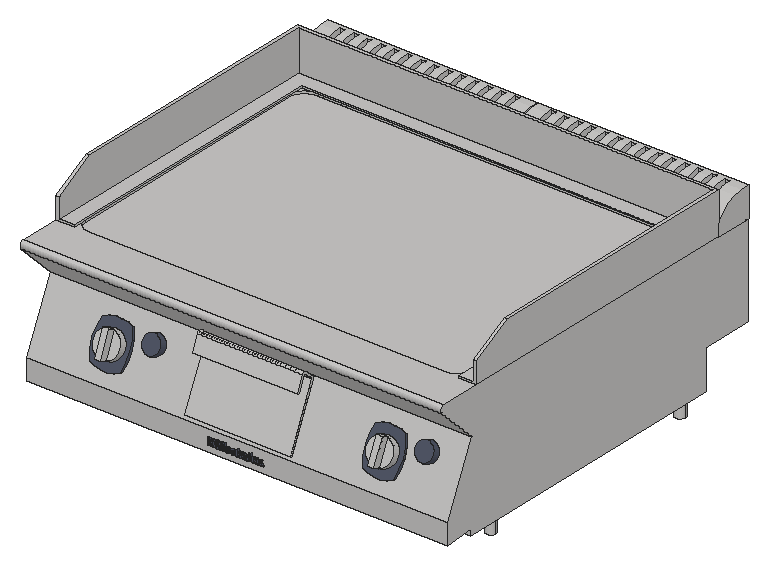
Revit family "QF_ELECTROLUXPROFESSIONAL_371413_E7IIKTAOMEI", category Attrezzature speciali, Revit 2018 (continued)
Automatic sketch dimensions
  Extrusion 23 sketch curve to Extrusion 23 sketch curve = 0.486 mm
  Extrusion 23 sketch curve to Extrusion 23 sketch curve = 0.266 mm  (x2)
  Extrusion 23 sketch curve to Extrusion 23 sketch curve = 1.547 mm
  Extrusion 23 sketch curve to Extrusion 23 sketch curve = 0.717 mm  (x2)
  Extrusion 23 sketch curve to Extrusion 23 sketch curve = 1.667 mm
  Extrusion 23 sketch curve to Extrusion 23 sketch curve = 3.174 mm
  Extrusion 23 sketch curve to Extrusion 23 sketch curve = 0.388 mm
  Extrusion 23 sketch curve to Extrusion 23 sketch curve = 1.342 mm
  Extrusion 23 sketch curve to Extrusion 23 sketch curve = 1.521 mm
  Extrusion 23 sketch curve to Extrusion 23 sketch curve = 0.124 mm
  Extrusion 23 sketch curve to Extrusion 23 sketch curve = 0.291 mm
  plane 7 "Center Y" to Extrusion 23 sketch curve = 3.796 mm
  Extrusion 23 sketch curve to Extrusion 23 sketch curve = 1.049 mm  (x2)
  Extrusion 23 sketch curve to Extrusion 23 sketch curve = 1.7 mm
  Extrusion 23 sketch curve to Extrusion 23 sketch curve = 0.894 mm
  Extrusion 23 sketch curve to Extrusion 23 sketch curve = 0.989 mm
  Extrusion 23 sketch curve to Extrusion 23 sketch curve = 1.168 mm
  Extrusion 23 sketch curve to Extrusion 23 sketch curve = 1.594 mm
  Extrusion 23 sketch curve to Extrusion 23 sketch curve = 0.731 mm
  Extrusion 23 sketch curve to Extrusion 23 sketch curve = 1.566 mm
  Extrusion 23 sketch curve to Extrusion 23 sketch curve = 0.064 mm
  plane 7 "Center Y" to Extrusion 23 sketch curve = 4.352 mm
  Extrusion 23 sketch curve to Extrusion 23 sketch curve = 0.556 mm  (x2)
  Extrusion 23 sketch curve to Extrusion 23 sketch curve = 0.48 mm
  Extrusion 23 sketch curve to Extrusion 23 sketch curve = 0.228 mm
  Extrusion 23 sketch curve to Extrusion 23 sketch curve = 1.018 mm
  Extrusion 23 sketch curve to Extrusion 23 sketch curve = 0.787 mm
  Extrusion 23 sketch curve to Extrusion 23 sketch curve = 0.618 mm
  Extrusion 23 sketch curve to Extrusion 23 sketch curve = 1.672 mm
  Extrusion 23 sketch curve to Extrusion 23 sketch curve = 1.361 mm
  Extrusion 23 sketch curve to Extrusion 23 sketch curve = 0.822 mm
  Extrusion 23 sketch curve to Extrusion 23 sketch curve = 0.069 mm
  Extrusion 23 sketch curve to Extrusion 23 sketch curve = 1.88 mm
  Extrusion 23 sketch curve to Extrusion 23 sketch curve = 0.42 mm
  plane 7 "Center Y" to Extrusion 23 sketch curve = 11.664 mm
  Extrusion 23 sketch curve to Extrusion 23 sketch curve = 0.062 mm
  Extrusion 23 sketch curve to Extrusion 23 sketch curve = 1.355 mm
  Extrusion 23 sketch curve to Extrusion 23 sketch curve = 2.34 mm
  Extrusion 23 sketch curve to Extrusion 23 sketch curve = 0.493 mm
  Extrusion 23 sketch curve to Extrusion 23 sketch curve = 0.136 mm
  Extrusion 23 sketch curve to Extrusion 23 sketch curve = 0.128 mm
  Extrusion 23 sketch curve to Extrusion 23 sketch curve = 3.616 mm
  Extrusion 23 sketch curve to Extrusion 23 sketch curve = 4.207 mm
  Extrusion 23 sketch curve to Extrusion 23 sketch curve = 0.183 mm
  Extrusion 23 sketch curve to Extrusion 23 sketch curve = 0.895 mm
  Extrusion 23 sketch curve to Extrusion 23 sketch curve = 1.314 mm
  Extrusion 23 sketch curve to Extrusion 23 sketch curve = 3.231 mm
  Extrusion 23 sketch curve to Extrusion 23 sketch curve = 1.299 mm
  Extrusion 23 sketch curve to Extrusion 23 sketch curve = 1.214 mm
  plane 7 "Center Y" to Extrusion 23 sketch curve = 22.879 mm
  Extrusion 23 sketch curve to Extrusion 23 sketch curve = 1.264 mm
  Extrusion 23 sketch curve to Extrusion 23 sketch curve = 0.109 mm
  Extrusion 23 sketch curve to Extrusion 23 sketch curve = 0.357 mm
  Extrusion 23 sketch curve to Extrusion 23 sketch curve = 0.565 mm
  Extrusion 23 sketch curve to Extrusion 23 sketch curve = 2.504 mm
  Extrusion 23 sketch curve to Extrusion 23 sketch curve = 2.459 mm
  Extrusion 23 sketch curve to Extrusion 23 sketch curve = 2.708 mm
  Extrusion 23 sketch curve to Extrusion 23 sketch curve = 3.333 mm
  Extrusion 23 sketch curve to Extrusion 23 sketch curve = 0.332 mm
  Extrusion 23 sketch curve to Extrusion 23 sketch curve = 1.087 mm
  Extrusion 23 sketch curve to Extrusion 23 sketch curve = 2.23 mm
  Extrusion 23 sketch curve to Extrusion 23 sketch curve = 2.757 mm
  Extrusion 23 sketch curve to Extrusion 23 sketch curve = 0.987 mm
  Extrusion 23 sketch curve to Extrusion 23 sketch curve = 1.529 mm
  Extrusion 23 sketch curve to Extrusion 23 sketch curve = 1.796 mm
  Extrusion 23 sketch curve to Extrusion 23 sketch curve = 2.859 mm
  Extrusion 23 sketch curve to Extrusion 23 sketch curve = 0.853 mm
  Extrusion 23 sketch curve to Extrusion 23 sketch curve = 1.241 mm
  Extrusion 23 sketch curve to Extrusion 23 sketch curve = 2.046 mm  (x2)
  Extrusion 23 sketch curve to Extrusion 23 sketch curve = 2.422 mm
  Extrusion 23 sketch curve to Extrusion 23 sketch curve = 0.27 mm  (x2)
  Extrusion 23 sketch curve to Extrusion 23 sketch curve = 0.69 mm
  Extrusion 23 sketch curve to Extrusion 23 sketch curve = 0.781 mm  (x2)
  Extrusion 23 sketch curve to Extrusion 23 sketch curve = 3.136 mm
  Extrusion 23 sketch curve to Extrusion 23 sketch curve = 1.767 mm
  Extrusion 23 sketch curve to Extrusion 23 sketch curve = 0.138 mm
  Extrusion 23 sketch curve to Extrusion 23 sketch curve = 0.777 mm
  Extrusion 23 sketch curve to Extrusion 23 sketch curve = 1.19 mm
  Extrusion 23 sketch curve to Extrusion 23 sketch curve = 0.782 mm
  Extrusion 23 sketch curve to Extrusion 23 sketch curve = 1.268 mm
  Extrusion 23 sketch curve to Extrusion 23 sketch curve = 0.422 mm  (x2)
  Extrusion 23 sketch curve to Extrusion 23 sketch curve = 1.559 mm
  Extrusion 23 sketch curve to Extrusion 23 sketch curve = 3.927 mm
  Extrusion 23 sketch curve to Extrusion 23 sketch curve = 0.983 mm
  Extrusion 23 sketch curve to Extrusion 23 sketch curve = 1.122 mm
  Extrusion 23 sketch curve to Extrusion 23 sketch curve = 1.153 mm
  Extrusion 23 sketch curve to Extrusion 23 sketch curve = 1.223 mm
  Extrusion 23 sketch curve to Extrusion 23 sketch curve = 0.934 mm
  Extrusion 23 sketch curve to Extrusion 23 sketch curve = 1.383 mm
  Extrusion 23 sketch curve to Extrusion 23 sketch curve = 0.222 mm
  plane 7 "Center Y" to Extrusion 23 sketch curve = 9.104 mm
  Extrusion 23 sketch curve to Extrusion 23 sketch curve = 2.51 mm
  Extrusion 23 sketch curve to Extrusion 23 sketch curve = 0.131 mm
  Extrusion 23 sketch curve to Extrusion 23 sketch curve = 1.134 mm
  Extrusion 23 sketch curve to Extrusion 23 sketch curve = 0.094 mm
  Extrusion 23 sketch curve to Extrusion 23 sketch curve = 1.584 mm
  Extrusion 23 sketch curve to Extrusion 23 sketch curve = 1.501 mm
  Extrusion 23 sketch curve to Extrusion 23 sketch curve = 1.808 mm
  Extrusion 23 sketch curve to Extrusion 23 sketch curve = 0.643 mm
  Extrusion 23 sketch curve to Extrusion 23 sketch curve = 0.916 mm
  Extrusion 23 sketch curve to Extrusion 23 sketch curve = 0.352 mm
  Extrusion 23 sketch curve to Extrusion 23 sketch curve = 0.458 mm
  Extrusion 23 sketch curve to Extrusion 23 sketch curve = 1.282 mm
  Extrusion 23 sketch curve to Extrusion 23 sketch curve = 1.363 mm
  Extrusion 23 sketch curve to Extrusion 23 sketch curve = 0.685 mm
  Extrusion 23 sketch curve to Extrusion 23 sketch curve = 0.905 mm
  Extrusion 23 sketch curve to Extrusion 23 sketch curve = 2.865 mm
  Extrusion 23 sketch curve to Extrusion 23 sketch curve = 0.472 mm
  Extrusion 23 sketch curve to Extrusion 23 sketch curve = 0.101 mm
  Extrusion 23 sketch curve to Extrusion 23 sketch curve = 0.54 mm
  Extrusion 23 sketch curve to Extrusion 23 sketch curve = 0.02 mm
  Extrusion 23 sketch curve to Extrusion 23 sketch curve = 0.468 mm
  Extrusion 23 sketch curve to Extrusion 23 sketch curve = 0.829 mm
  Extrusion 23 sketch curve to Extrusion 23 sketch curve = 0.582 mm
  Extrusion 23 sketch curve to Extrusion 23 sketch curve = 0.166 mm
  Extrusion 23 sketch curve to Extrusion 23 sketch curve = 0.16 mm
  Extrusion 23 sketch curve to Extrusion 23 sketch curve = 2.781 mm
  Extrusion 23 sketch curve to Extrusion 23 sketch curve = 1.118 mm
  Extrusion 23 sketch curve to Extrusion 23 sketch curve = 0.613 mm
  Extrusion 23 sketch curve to Extrusion 23 sketch curve = 0.361 mm
  Extrusion 23 sketch curve to Extrusion 23 sketch curve = 0.897 mm
  Extrusion 23 sketch curve to Extrusion 23 sketch curve = 0.167 mm
  Extrusion 23 sketch curve to Extrusion 23 sketch curve = 0.292 mm
  Extrusion 23 sketch curve to Extrusion 23 sketch curve = 0.305 mm
  Extrusion 23 sketch curve to Extrusion 23 sketch curve = 1.557 mm
  Extrusion 23 sketch curve to Extrusion 23 sketch curve = 2.499 mm
  Extrusion 23 sketch curve to Extrusion 23 sketch curve = 3.062 mm
  Extrusion 23 sketch curve to Extrusion 23 sketch curve = 2.968 mm
  Extrusion 23 sketch curve to Extrusion 23 sketch curve = 5.044 mm
  Extrusion 23 sketch curve to Extrusion 23 sketch curve = 0.629 mm  (x2)
  Extrusion 23 sketch curve to Extrusion 23 sketch curve = 1.131 mm
  Extrusion 23 sketch curve to Extrusion 23 sketch curve = 0.137 mm
  Extrusion 23 sketch curve to Extrusion 23 sketch curve = 0.027 mm
  Extrusion 23 sketch curve to Extrusion 23 sketch curve = 2.235 mm
  radius of Extrusion 3 sketch curve = 9.525 mm  (x4)
  radius of Extrusion 4 sketch curve = 6.35 mm
  radius of Extrusion 12 sketch curve = 25.4 mm
  radius of Extrusion 13 sketch curve to Extrusion 12 = 0 mm  (x2)
  radius of Extrusion 15 sketch curve = 25.4 mm
  radius of Extrusion 16 sketch curve to Extrusion 15 = 0 mm  (x2)
  radius of Extrusion 17 sketch curve = 17.78 mm
  radius of Extrusion 18 sketch curve = 17.78 mm
Connectors
  piping at (749.3, -98.425, 57.718), diameter 12.7, driven by "Gas Size"
    settings: on Extrusion 4, index 1, connector inside diameter 0.50394", connector length 0 mm, flow factor 0, pipe flow 0 GPM, pressure drop 0.00 psi, fitting loss kfactor 0, connector angle 0.00°, fixture units 0, engagement length 0 mm, angle of deflection 0.00°, flow configuration 1, flow direction 1, fitting loss method 0, system type 7, joint type 0, gender type 0, connector reference index -1, connector utility 0, adjustable connector no, is connector primary yes, connector description "Gas Connection"
Types (2, lengths in mm): name | URL | Modello | Produttore | Gas Size | Descrizione
  (no name) | "www.electrolux.com/foodservice" | "371031" | "ELECTROLUX" | 0" | "700XP Full Module Gas Fry Top, Smotth Plate, Mild Steel"
  Standard | "https://www.electroluxprofessional.com/" | "E7IIKTAOMEI" | "Electrolux Professional" | 1/2" | "GAS FRY TOP-SMOOTH PLATE 800MM-BRUSHED CHROME - QMARK"
